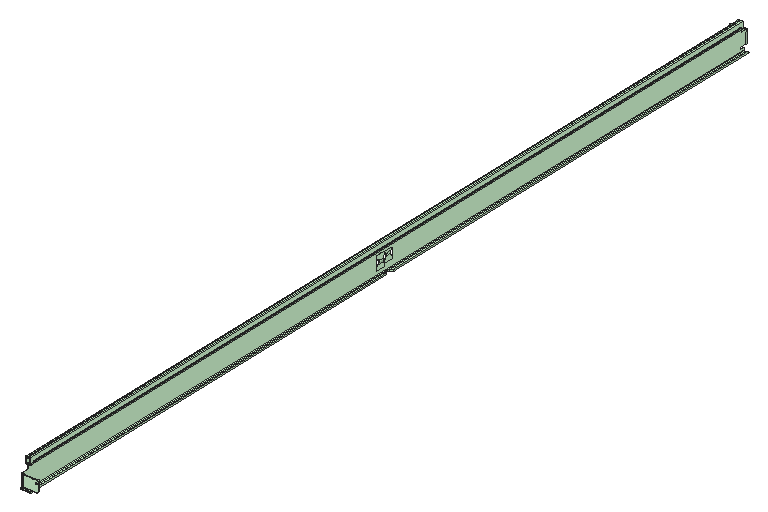
Revit family "et4015_maincross_640", category 機械設備, Revit 2022
Family settings
  丸型コネクタ寸法 = 直径を使用
  種別 = なし
  パーツ タイプ = 標準
  作業面ベース = いいえ
  常に垂直 = はい
  ロード時にボイドで切り取り = いいえ
  注釈の向きを維持 = いいえ
  共有 = いいえ
  部屋計算ポイント = いいえ
Parameters
  製造元 = "株式会社桐井製作所"
  既定の高さ = 0 mm
  URL = "https://www.kirii.co.jp/"
  K_長さ(mm) = 1280 mm
  K_材質 = "溶融亜鉛めっき鋼板及び鋼帯SGCC 一般用　カラー鋼板"
  K_品名 = "eTバー4015メインクロス(640グリッド用)"
  K_名称 = "Tバー"
  K_入数 = "40"
  K_バージョン情報 = "20220411"
  K_めっき付着量 = "JIS G 3302 Z12、カラー鋼板　塗装膜厚20μ(白色)"
  K_JIS規格 = "JIS G 3302"
Reference planes
  plane 1 "中心(正面/背面)": y = 0
  plane 2: z = 0
  plane 3 "中心(左/右)": x = 0
  plane 4: y = 1287.2
Forms (mm)
  Extrusion 1, solid
    sketch origin (0, -1320, 7.1) x (-1, 0, 0) y (0, 0, 1)
      loop
        arc (0.4, 24.899) -> (0.715, 25.363) -> (1.263, 25.242) r 0.5
        arc (1.263, 25.242) -> (1.627, 24.916) -> (2.1, 24.799) r 1.011
        arc (2.1, 24.799) -> (2.736, 25.062) -> (3, 25.699) r 0.9
        line (3, 25.699) -> (3, 33.799)
        arc (3, 33.799) -> (2.473, 34.679) -> (1.448, 34.633) r 1
        line (1.448, 34.633) -> (0, 33.681) -> (-1.448, 34.633)
        arc (-1.448, 34.633) -> (-2.473, 34.679) -> (-3, 33.799) r 1
        line (-3, 33.799) -> (-3, 25.699)
        arc (-3, 25.699) -> (-2.736, 25.062) -> (-2.1, 24.799) r 0.9
        arc (-2.1, 24.799) -> (-1.627, 24.916) -> (-1.263, 25.242) r 1.011
        arc (-1.263, 25.242) -> (-0.715, 25.363) -> (-0.4, 24.899) r 0.5
        line (-0.4, 24.899) -> (-0.4, -5.442)
        arc (-0.4, -5.442) -> (-0.717, -6.207) -> (-1.483, -6.525) r 1.083
        line (-1.483, -6.525) -> (-4, -6.26) -> (-5.807, -6.26) -> (-6.519, -5.891)
        arc (-6.519, -5.891) -> (-7.477, -6.278) -> (-6.85, -7.1) r 0.65
        line (-6.85, -7.1) -> (6.85, -7.1)
        arc (6.85, -7.1) -> (7.477, -6.278) -> (6.519, -5.891) r 0.65
        line (6.519, -5.891) -> (5.807, -6.26) -> (4, -6.26) -> (1.483, -6.525)
        arc (1.483, -6.525) -> (0.717, -6.207) -> (0.4, -5.441) r 1.083
        line (0.4, -5.441) -> (0.4, 24.899)
      loop
        arc (-1.668, 34.298) -> (-2.283, 34.327) -> (-2.6, 33.799) r 0.6
        line (-2.6, 33.799) -> (-2.6, 25.699)
        arc (-2.6, 25.699) -> (-2.302, 25.241) -> (-1.763, 25.329) r 0.5
        line (-1.763, 25.329) -> (-1.063, 25.784)
        arc (-1.063, 25.784) -> (-0.324, 25.59) -> (0, 24.899) r 0.9
        arc (0, 24.899) -> (0.324, 25.59) -> (1.063, 25.784) r 0.9
        line (1.063, 25.784) -> (1.763, 25.329)
        arc (1.763, 25.329) -> (2.302, 25.241) -> (2.6, 25.699) r 0.5
        line (2.6, 25.699) -> (2.6, 33.799)
        arc (2.6, 33.799) -> (2.283, 34.327) -> (1.668, 34.298) r 0.6
        line (1.668, 34.298) -> (0.549, 33.563)
        arc (0.549, 33.563) -> (0, 33.399) -> (-0.549, 33.563) r 1
        line (-0.549, 33.563) -> (-1.668, 34.298)
    from 1320 to 2607.2
  Extrusion 2, void
    sketch origin (0, 0, 0) x (0, 1, 0) y (0, 0, 1)
      loop
        line (5, 41.941) -> (0, 41.941) -> (0, 25.9) -> (5, 25.9) -> (5, 41.941)
    from -3.77 to 3.77
  Extrusion 3, solid
    sketch origin (-0.114, 0, 16.166) x (1, 0, 0) y (0, 1, 0)
      loop
        line (24.214, -7.2) -> (24.214, -6.4) -> (1.714, -6.4)
        arc (1.714, -6.4) -> (0.866, -6.049) -> (0.514, -5.2) r 1.2
        line (0.514, -5.2) -> (0.514, 0) -> (-0.286, 0) -> (-0.286, -5.2)
        arc (-0.286, -5.2) -> (0.3, -6.614) -> (1.714, -7.2) r 2
        line (1.714, -7.2) -> (24.214, -7.2)
    from -8.266 to 9.734
  Extrusion 4, void
    sketch origin (0, 0, -7.234) x (1, 0, 0) y (0, 0, 1)
      loop
        line (2.6, 31.999) -> (23.1, 31.999)
        arc (23.1, 31.999) -> (23.807, 31.706) -> (24.1, 30.999) r 1
        line (24.1, 30.999) -> (24.1, 33.134) -> (2.6, 33.134) -> (2.6, 31.999)
    from 6.4 to 7.2
  Extrusion 5, void
    sketch origin (0, 0, -7.234) x (1, 0, 0) y (0, 0, 1)
      loop
        line (24.1, 26.599) -> (24.1, 28.599) -> (21.1, 28.599) -> (21.1, 26.599) -> (24.1, 26.599)
    from 6.4 to 7.2
  Extrusion 6, void
    sketch origin (0, 0, 0) x (0, 1, 0) y (0, 0, 1)
      loop
        line (6.9, 7.833) -> (0, 7.833) -> (0, 4.833) -> (6.9, 4.833) -> (6.9, 7.833)
    from -0.4 to 0.4
  Extrusion 7, void
    sketch origin (0, -13.6, -8.031) x (1, 0, 0) y (0, 0, -1)
      loop
        line (24.1, -15.931) -> (2.6, -15.931) -> (2.6, -16.999) -> (22.1, -16.999)
        arc (22.1, -16.999) -> (23.231, -17.237) -> (24.1, -17.999) r 2.28
        line (24.1, -17.999) -> (24.1, -15.931)
    from 6.4 to 7.2
  Extrusion 8, void
    sketch origin (0, 1287.2, 0) x (0, -1, 0) y (0, 0, -1)
      loop
        line (5, -41.941) -> (5, -25.737) -> (0, -25.737) -> (0, -41.941) -> (5, -41.941)
    from -3.77 to 3.77
  Extrusion 9, void
    sketch origin (0, 1287.2, 0) x (0, -1, 0) y (0, 0, -1)
      loop
        line (6.9, -7.833) -> (6.9, -4.833) -> (0, -4.833) -> (0, -7.833) -> (6.9, -7.833)
    from -0.4 to 0.4
  Extrusion 10, solid
    sketch origin (0.114, 1287.2, 16.166) x (-1, 0, 0) y (0, -1, 0)
      loop
        line (24.214, -7.2) -> (24.214, -6.4) -> (1.714, -6.4)
        arc (1.714, -6.4) -> (0.866, -6.049) -> (0.514, -5.2) r 1.2
        line (0.514, -5.2) -> (0.514, 0) -> (-0.286, 0) -> (-0.286, -5.2)
        arc (-0.286, -5.2) -> (0.3, -6.614) -> (1.714, -7.2) r 2
        line (1.714, -7.2) -> (24.214, -7.2)
    from -8.266 to 9.571
  Extrusion 11, void
    sketch origin (0, 1287.2, -7.234) x (-1, 0, 0) y (0, 0, 1)
      loop
        line (24.1, 26.599) -> (24.1, 28.599) -> (21.1, 28.599) -> (21.1, 26.599) -> (24.1, 26.599)
    from 6.4 to 7.2
  Extrusion 12, void
    sketch origin (0, 1287.2, -8.099) x (-1, 0, 0) y (0, 0, 1)
      loop
        line (24.1, 15.931) -> (24.1, 17.999)
        arc (24.1, 17.999) -> (23.231, 17.237) -> (22.1, 16.999) r 2.28
        line (22.1, 16.999) -> (2.6, 16.999) -> (2.6, 15.931) -> (24.1, 15.931)
    from 6.4 to 7.2
  Extrusion 13, void
    sketch origin (0, 1300.8, -7.396) x (-1, 0, 0) y (0, 0, -1)
      loop
        line (2.6, -31.999) -> (2.6, -33.134) -> (24.1, -33.134) -> (24.1, -30.999)
        arc (24.1, -30.999) -> (23.807, -31.706) -> (23.1, -31.999) r 1
        line (23.1, -31.999) -> (2.6, -31.999)
    from 6.4 to 7.2
  Extrusion 14, void
    sketch origin (0.4, 343.6, 31.85) x (0, 0, 1) y (0, 1, 0)
      loop
        line (-5.5, 284.4) -> (-5.5, 315.6) -> (-23.1, 315.6) -> (-23.1, 284.4) -> (-5.5, 284.4)
    from 0 to 0.8
  Extrusion 15, void
    sketch origin (0, 2156.459, 0) x (-1, 0, 0) y (0, -1, 0)
      loop
        line (8.021, 1505.493) -> (8.021, 1520.226) -> (3.318, 1516.682) -> (3.318, 1509.037) -> (8.021, 1505.493)
    from 0 to 2.903
  Extrusion 16, void
    sketch origin (0, 2156.459, 0) x (1, 0, 0) y (0, 1, 0)
      loop
        line (8.021, -1505.493) -> (3.318, -1509.037) -> (3.318, -1516.682) -> (8.021, -1520.226) -> (8.021, -1505.493)
    from 0 to 2.903
  Extrusion 17, void
    sketch origin (0.4, 361.792, 32.162) x (0, 0, 1) y (0, 1, 0)
      loop
        line (-19.9, 284.4) -> (-8.7, 284.4)
        arc (-8.7, 284.4) -> (-14.3, 287.9) -> (-19.9, 284.4) r 6.23
      loop
        line (-8.7, 297.4) -> (-19.9, 297.4)
        arc (-19.9, 297.4) -> (-14.3, 293.9) -> (-8.7, 297.4) r 6.23
    from 1.2 to 3.447
  Extrusion 18, solid
    sketch origin (0.081, 361.8, -6.51) x (1, 0, 0) y (0, 0, 1)
      loop
        line (-0.387, 33.66) -> (-2.087, 33.66) -> (-2.087, 26.56)
        arc (-2.087, 26.56) -> (-3.087, 24.26) -> (-2.088, 21.96) r 3.145
        line (-2.088, 21.96) -> (-2.087, 14.46) -> (-0.387, 14.46) -> (-0.387, 15.26) -> (-1.487, 15.26) -> (-1.487, 22.238)
        arc (-1.487, 22.238) -> (-2.487, 24.267) -> (-1.476, 26.291) r 2.545
        line (-1.476, 26.291) -> (-1.476, 32.86) -> (-0.387, 32.86) -> (-0.387, 33.66)
    from -297.4 to -284.4
  Extrusion 19, solid
    sketch origin (-0.081, 343.6, -6.51) x (-1, 0, 0) y (0, 0, -1)
      loop
        line (-0.387, -33.66) -> (-0.387, -32.86) -> (-1.476, -32.86) -> (-1.476, -26.291)
        arc (-1.476, -26.291) -> (-2.487, -24.267) -> (-1.487, -22.238) r 2.545
        line (-1.487, -22.238) -> (-1.487, -15.26) -> (-0.387, -15.26) -> (-0.387, -14.46) -> (-2.087, -14.46) -> (-2.088, -21.96)
        arc (-2.088, -21.96) -> (-3.087, -24.26) -> (-2.087, -26.56) r 3.145
        line (-2.087, -26.56) -> (-2.087, -33.66) -> (-0.387, -33.66)
    from -297.4 to -284.4
  Extrusion 20, void
    sketch origin (-0.4, 343.592, 32.163) x (0, 0, 1) y (0, -1, 0)
      loop
        arc (-19.9, -284.4) -> (-14.3, -287.9) -> (-8.7, -284.4) r 6.23
        line (-8.7, -284.4) -> (-19.9, -284.4)
      loop
        arc (-8.7, -297.4) -> (-14.3, -293.9) -> (-19.9, -297.4) r 6.23
        line (-19.9, -297.4) -> (-8.7, -297.4)
    from 1.2 to 3.447
Cuts and joins
  Extrusion 2, Extrusion 6, Extrusion 7, Extrusion 8, Extrusion 9, Extrusion 14, Extrusion 15, Extrusion 16 cuts Extrusion 1
  Extrusion 4, Extrusion 5, Extrusion 7, Extrusion 8, Extrusion 9, Extrusion 14, Extrusion 15, Extrusion 16 cuts Extrusion 3
  Extrusion 11, Extrusion 12, Extrusion 13 cuts Extrusion 10
  Extrusion 17 cuts Extrusion 18
  Extrusion 20 cuts Extrusion 19
  joined: Extrusion 1, Extrusion 3, Extrusion 10, Extrusion 18, Extrusion 19
Dimensions and locks
  plane 4 to plane 1 "中心(正面/背面)" = 1287.2 mm
  aligned and locked: level to plane 2
  aligned and locked: plane 4 to Extrusion 1
